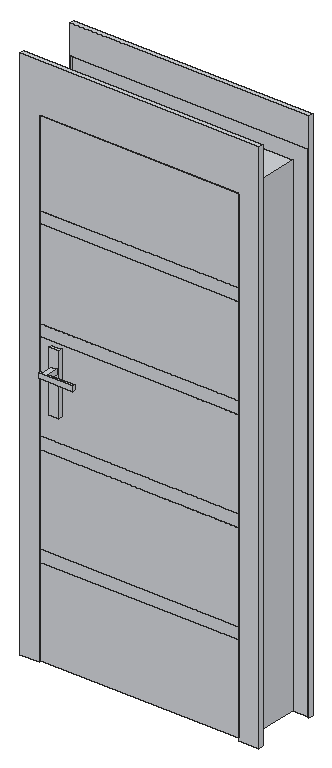
Revit family "Porta_LEVEL_A3", category Drzwi, Revit 2016
Family settings
  Obiekt nadrzędny = Ściana
  Zawsze pionowo = Tak
  Tnij formami wycięć po wczytaniu = Nie
  Współdzielony = Nie
  Punkt obliczania pomieszczeń = Nie
Parameters (values of type "PN 80")
  Wysokość brutto = 2055 mm
  URL = "www.porta.com.pl"
  Szerokość brutto = 880 mm
  Ss = 818 mm
  Producent = "PORTA KMI POLAND"
  Keynote = ""
  Description = ""
  Wysokość = 2016 mm
  Zakończenie ściany = Wg obiektu nadrzędnego
  Szerokość = 802 mm
  Model = "Porta LEVEL"
  Materiał_skrzydło_2 = none
  Materiał_skrzydło_1 [instance] = none
  Materiał_ościeżnica [instance] = none
  Materiał_klamka [instance] = none
  Konstrukcja analityczna = "<Brak>"
  Informacja = "Własność Porta KMI Poland, wszelkie prawa zastrzeżone."  # constant formula
  Hs = 2017 mm
  Funkcja = Wewnętrzna
Reference planes
  plane 1: y = 0
  plane 2 "Środek (Lewa/Prawa)": x = 0
  plane 3 "Lewy": x = -440
  plane 4 "Prawy": x = 440
  plane 5: z = 2055
  plane 6 "Zewnętrzna": y = 120
  plane 7 "Wewnętrzna": y = -120
  plane 8: x = -401
  plane 9: y = -138.9
  plane 10: x = -494.4
  plane 11: x = 494.4
Forms (mm)
  Sweep 1, solid, material <- "Materiał_ościeżnica"
    path in 3D
      loop
        line (-440, -120, 0) -> (-440, -120, 2055) -> (440, -120, 2055) -> (440, -120, 0)
    profile origin (-440, -120, 1027.5) x (0, -1, 0) y (1, 0, 0)
      loop
        line (-240, -54.4) -> (-240, -49.7) -> (-243.2, -49.7) -> (-243.2, 16.3) -> (3.2, 16.3) -> (3.2, -49.7) -> (0, -49.7) -> (0, -54.4) -> (18.9, -54.4) -> (18.9, 27) -> (-26.7, 27) -> (-26.7, 39) -> (-243.2, 39) -> (-243.2, 27) -> (-258.9, 27) -> (-258.9, -54.4) -> (-240, -54.4)
  Extrusion 2, solid, material <- "Materiał_ościeżnica"
    sketch origin (-359, -94.5, 2024.974) x (0, 0, -1) y (0, -1, 0)
      loop
        line (-203.026, -233.4) -> (-84.426, -233.4) -> (-84.426, -214.5) -> (-203.026, -214.5) -> (-203.026, -233.4)
    from -853.4 to 135.4
  Extrusion 3, solid, material <- "Materiał_ościeżnica"
    sketch origin (-359, -94.5, 2024.974) x (0, 0, -1) y (0, -1, 0)
      loop
        line (-203.026, 44.4) -> (-203.026, 25.5) -> (-84.426, 25.5) -> (-84.426, 44.4) -> (-203.026, 44.4)
    from -853.4 to 135.4
Cuts and joins
  joined: Sweep 1, Extrusion 2, Extrusion 3
Lines and regions (mm)
  Opening 1
    outline origin (-3050, -120, 0) x (1, 0, 0) y (0, 0, 1)
      loop
        line (2610, 0) -> (3490, 0) -> (3490, 2055) -> (2610, 2055) -> (2610, 0)
  sketch lines
    curve 1: line (-440, -120, 0) -> (-440, -120, 2055)
    curve 2: line (-440, -120, 2055) -> (440, -120, 2055)
    curve 3: line (440, -120, 2055) -> (440, -120, 0)
  symbolic lines, style "DoorsPanelProjection"
    curve 4: line (409, -120, 0) -> (409, -938, 0)
    curve 5: line (409, -938, 0) -> (369, -938, 0)
    curve 6: line (369, -938, 0) -> (369, -120, 0)
    curve 7: line (369, -120, 0) -> (409, -120, 0)
  symbolic lines, style "Ugięcie rzutu"
    curve 8: arc (-409, -120, 0) -> (-169.413, -698.413, 0) -> (409, -938, 0) r 818
Text (mm)
  text "Zewnętrzna" at (-2295.016, 1099.543, 0), in view "Poziom odniesienia"
  text "Zewnętrzna" at (0, 1615.38, 3698.081), in view "Lewy"
  text "Zewnętrzna" at (0, 1036.032, 3874.932), in view "Prawy"
Dimensions and locks
  equal spacing: plane 3 "Lewy", plane 2 "Środek (Lewa/Prawa)", plane 4 "Prawy"
  "Szerokość brutto": plane 3 "Lewy" to plane 4 "Prawy"
  "Wysokość brutto": plane 5 to host wall
  host wall to plane 5 = 2055 mm  (x2)
  locked: plane 6 "Zewnętrzna" to host wall at 0
  locked: plane 7 "Wewnętrzna" to host wall
  locked: curve 6 to curve 4 at 40
  "Ss": curve 5 to curve 7
  equal spacing: curve 8, plane 2 "Środek (Lewa/Prawa)", curve 4
  equal spacing: nested 1, plane 2 "Środek (Lewa/Prawa)", nested 1
  locked: nested 1 to level at 8
  locked: plane 3 "Lewy" to plane 8 at 39
  locked: plane 6 "Zewnętrzna" to Sweep 1 sketch curve at 18.9
  locked: profile plane to Sweep 1 sketch curve at 27
  locked: Sweep 1 sketch curve to plane 8 at 22.7
  locked: Sweep 1 sketch curve to profile plane at 26.7
  locked: profile plane to Sweep 1 sketch curve at 18.9
  locked: Sweep 1 sketch curve to profile plane at 54.4  (x2)
  locked: plane 9 to host wall at 18.9
  locked: plane 10 to plane 3 "Lewy" at 54.4
  locked: plane 4 "Prawy" to plane 11 at 54.4
  aligned and locked: plane 3 "Lewy" to Opening 1 sketch curve
  aligned and locked: plane 5 to Opening 1 sketch curve  (x2)
  aligned and locked: Opening 1 sketch curve to plane 4 "Prawy"
  aligned and locked: Opening 1 sketch curve to level
  aligned and locked: plane 1 to host wall
  aligned and locked: plane 7 "Wewnętrzna" to curve 7
  aligned and locked: Sweep 1 sketch curve to plane 6 "Zewnętrzna"
  aligned and locked: Sweep 1 sketch curve to profile plane
  aligned and locked: Sweep 1 sketch curve to plane 8
  aligned and locked: nested 1 to plane 9
  aligned and locked: Extrusion 2 sketch curve to Sweep 1  (x2)
  aligned and locked: host wall to Extrusion 2 sketch curve
  aligned and locked: Extrusion 3 sketch curve to plane 9
  aligned and locked: host wall to Extrusion 3 sketch curve
  aligned and locked: Extrusion 3 sketch curve to Sweep 1
  aligned and locked: Extrusion 3 sketch curve to Extrusion 2
  aligned and locked: plane 11 to Extrusion 3
  aligned and locked: plane 10 to Extrusion 3
  aligned and locked: plane 11 to Extrusion 2
  aligned and locked: plane 10 to Extrusion 2
Automatic sketch dimensions
  curve 8 to host wall = 0 mm
  Sweep 1 sketch curve to Sweep 1 sketch curve = 0 mm
  Sweep 1 sketch curve to Sweep 1 sketch curve = 3.2 mm
  Sweep 1 sketch curve to Sweep 1 sketch curve = 15.7 mm
  Sweep 1 sketch curve to Sweep 1 sketch curve = 4.7 mm  (x2)
  Sweep 1 sketch curve to Sweep 1 sketch curve = 10.7 mm
  Extrusion 2 sketch curve to plane 5 = 173 mm
Nested families
  nested 1: "skrzydło" at (0, -105.4, 0), type "skrzydło"
Definition of nested family "skrzydło"
  Parameters
    Ss = 818 mm
    Materiał_skrzydło_2 = none
    Materiał_skrzydło_1 = none
    Materiał_klamka = none
    Assembly Code = ""
    Hs = 2017 mm
  Reference planes
    plane 1 "Tył": y = 6.5
    plane 2: z = 0
    plane 3 "Środek (Lewa/Prawa)": x = 0
    plane 4 "Lewa": x = -409
    plane 5 "Prawa": x = 409
    plane 6 "Przód": y = -33.5
    plane 7: z = 2025
    plane 8 "Centrum": y = -13.5
    plane 9: z = 8
  Forms (mm)
    Extrusion 1, solid, material <- "Materiał_skrzydło_1"
      sketch origin (0, -33.5, 0) x (-1, 0, 0) y (0, 0, 1)
        loop
          line (409, 370.4) -> (-409, 370.4) -> (-409, 8) -> (409, 8) -> (409, 370.4)
      from 0 to 40
    Extrusion 2, solid, material <- "Materiał_skrzydło_2"
      sketch origin (-2140.117, -33.5, 1300) x (-1, 0, 0) y (0, 0, 1)
        loop
          line (-1731.117, -879.6) -> (-2549.117, -879.6) -> (-2549.117, -929.6) -> (-1731.117, -929.6) -> (-1731.117, -879.6)
      from 0 to 40
    Extrusion 3, solid, material <- "Materiał_skrzydło_1"
      sketch origin (-2140.117, -33.5, 1300) x (-1, 0, 0) y (0, 0, 1)
        loop
          line (-1731.117, -511.2) -> (-2549.117, -511.2) -> (-2549.117, -879.6) -> (-1731.117, -879.6) -> (-1731.117, -511.2)
      from 0 to 40
    Extrusion 4, solid, material <- "Materiał_skrzydło_2"
      sketch origin (-2140.117, -33.5, 1700) x (-1, 0, 0) y (0, 0, 1)
        loop
          line (-1731.117, -861.2) -> (-2549.117, -861.2) -> (-2549.117, -911.2) -> (-1731.117, -911.2) -> (-1731.117, -861.2)
      from 0 to 40
    Extrusion 5, solid, material <- "Materiał_skrzydło_1"
      sketch origin (-2140.117, -33.5, 1200) x (-1, 0, 0) y (0, 0, 1)
        loop
          line (-1731.117, 825) -> (-2549.117, 825) -> (-2549.117, 475.6) -> (-1731.117, 475.6) -> (-1731.117, 825)
      from 0 to 40
    Extrusion 6, solid, material <- "Materiał_skrzydło_2"
      sketch origin (-2140.117, -33.5, 1200) x (-1, 0, 0) y (0, 0, 1)
        loop
          line (-1731.117, 475.6) -> (-2549.117, 475.6) -> (-2549.117, 425.6) -> (-1731.117, 425.6) -> (-1731.117, 475.6)
      from 0 to 40
    Extrusion 7, solid, material <- "Materiał_skrzydło_1"
      sketch origin (-2140.117, -33.5, 1200) x (-1, 0, 0) y (0, 0, 1)
        loop
          line (-1731.117, 425.6) -> (-2549.117, 425.6) -> (-2549.117, 57.2) -> (-1731.117, 57.2) -> (-1731.117, 425.6)
      from 0 to 40
    Extrusion 8, solid, material <- "Materiał_skrzydło_2"
      sketch origin (-2140.117, -33.5, 1300) x (-1, 0, 0) y (0, 0, 1)
        loop
          line (-1731.117, -42.8) -> (-2549.117, -42.8) -> (-2549.117, -92.8) -> (-1731.117, -92.8) -> (-1731.117, -42.8)
      from 0 to 40
    Extrusion 9, solid, material <- "Materiał_skrzydło_1"
      sketch origin (-2140.117, -33.5, 1300) x (-1, 0, 0) y (0, 0, 1)
        loop
          line (-1731.117, -92.8) -> (-2549.117, -92.8) -> (-2549.117, -461.2) -> (-1731.117, -461.2) -> (-1731.117, -92.8)
      from 0 to 40
  Dimensions and locks
    equal spacing: plane 4 "Lewa", plane 3 "Środek (Lewa/Prawa)", plane 5 "Prawa"
    "Ss": plane 4 "Lewa" to plane 5 "Prawa"
    locked: plane 9 to level at 8
    "Hs": plane 7 to plane 9
    locked: nested 1 to plane 9 at 934
    locked: plane 9 to nested 3 at 934
    equal spacing: plane 6 "Przód", plane 8 "Centrum", plane 1 "Tył"
    aligned and locked: Extrusion 1 sketch curve to plane 9
    aligned and locked: nested 1 to plane 6 "Przód"
    aligned and locked: Extrusion 1 sketch curve to plane 5 "Prawa"
    aligned and locked: Extrusion 1 sketch curve to plane 4 "Lewa"
    aligned and locked: plane 3 "Środek (Lewa/Prawa)" to nested 2
    aligned and locked: plane 4 "Lewa" to Extrusion 2 sketch curve
    aligned and locked: plane 5 "Prawa" to Extrusion 2 sketch curve
    aligned and locked: plane 4 "Lewa" to Extrusion 3 sketch curve
    aligned and locked: plane 5 "Prawa" to Extrusion 3 sketch curve
    aligned and locked: plane 4 "Lewa" to Extrusion 4 sketch curve
    aligned and locked: plane 5 "Prawa" to Extrusion 4 sketch curve
    aligned and locked: plane 4 "Lewa" to Extrusion 5 sketch curve
    aligned and locked: plane 7 to Extrusion 5 sketch curve
    aligned and locked: plane 5 "Prawa" to Extrusion 5 sketch curve
    aligned and locked: plane 4 "Lewa" to Extrusion 6 sketch curve
    aligned and locked: plane 5 "Prawa" to Extrusion 6 sketch curve
    aligned and locked: plane 4 "Lewa" to Extrusion 7 sketch curve
    aligned and locked: plane 5 "Prawa" to Extrusion 7 sketch curve
    aligned: Extrusion 7 sketch curve to Extrusion 6
    aligned and locked: plane 4 "Lewa" to Extrusion 8 sketch curve
    aligned and locked: plane 5 "Prawa" to Extrusion 8 sketch curve
    aligned and locked: plane 4 "Lewa" to Extrusion 9 sketch curve
    aligned and locked: plane 5 "Prawa" to Extrusion 9 sketch curve
    aligned: Extrusion 9 sketch curve to Extrusion 4
    aligned and locked: Extrusion 7 sketch curve to Extrusion 8
    aligned and locked: Extrusion 1 sketch curve to Extrusion 2
  Automatic sketch dimensions
    Extrusion 2 sketch curve to Extrusion 2 sketch curve = 50 mm
    Extrusion 4 sketch curve to Extrusion 4 sketch curve = 50 mm
    plane 9 to Extrusion 2 sketch curve = 362.4 mm
    plane 9 to Extrusion 3 sketch curve = 412.4 mm
    Extrusion 4 sketch curve to plane 7 = 1236.2 mm
    Extrusion 6 sketch curve to Extrusion 6 sketch curve = 50 mm
    Extrusion 8 sketch curve to Extrusion 8 sketch curve = 50 mm
    Extrusion 3 sketch curve to Extrusion 3 sketch curve = 368.4 mm
    plane 9 to Extrusion 9 sketch curve = 830.8 mm
    Extrusion 9 sketch curve to Extrusion 9 sketch curve = 368.4 mm
    Extrusion 8 sketch curve to plane 7 = 817.8 mm
    Extrusion 5 sketch curve to plane 7 = 349.4 mm
    Extrusion 6 sketch curve to plane 7 = 399.4 mm
    Extrusion 7 sketch curve to Extrusion 7 sketch curve = 368.4 mm
  Nested families
    nested 1: "KLAMKA" at (-341, -33.5, 1067), Materiał klamki <- "Materiał_klamka", type "KLAMKA"
      with Materiał klamki none
    nested 2: "logo_porta" at (0, 6.5, 110) x (1, 0, 0) z (0, -1, 0), type "logo_porta"
    nested 3: "KLAMKA" at (-341, 6.5, 1067), Materiał klamki <- "Materiał_klamka", type "KLAMKA"
      with Materiał klamki none
  Definition of nested family "KLAMKA"
    Parameters
      Materiał klamki [instance] = none
      Assembly Code = ""
      Default Elevation = 1219.2 mm
    Reference planes
      plane 1 "Center (Front/Back)": y = 0
      plane 2: z = 0
      plane 3 "Center (Left/Right)": x = 0
      plane 4: z = 125
      plane 5: z = -125
      plane 6: x = 20
      plane 7: x = -20
      plane 8: y = -70
      plane 9: y = -60
      plane 10: x = 10
      plane 11: x = -10
      plane 12: x = 120
      plane 13: z = 35
      plane 14: z = 55
      plane 15: y = -15
    Forms (mm)
      Extrusion 1, solid, material <- "Materiał klamki"
        sketch origin (0, 0, 0) x (1, 0, 0) y (0, 0, 1)
          loop
            line (-20, 125) -> (-20, -125) -> (20, -125) -> (20, 125) -> (-20, 125)
        from 0 to 15
      Extrusion 2, solid, material <- "Materiał klamki"
        sketch origin (0, 0, 0) x (1, 0, 0) y (0, 1, 0)
          loop
            line (-10, -15) -> (-10, -60) -> (-20, -60) -> (-20, -70) -> (120, -70) -> (120, -60) -> (10, -60) -> (10, -15) -> (-10, -15)
        from 35 to 55
    Dimensions and locks
      equal spacing: plane 4, plane 2, plane 5
      plane 4 to plane 5 = 250 mm
      equal spacing: plane 7, plane 3 "Center (Left/Right)", plane 6
      plane 7 to plane 6 = 40 mm
      plane 8 to plane 1 "Center (Front/Back)" = 70 mm
      plane 11 to plane 3 "Center (Left/Right)" to plane 10 = 10 mm locked, 10 mm locked
      plane 7 to plane 12 = 140 mm
      plane 15 to plane 1 "Center (Front/Back)" = 15 mm
      aligned and locked: plane 7 to Extrusion 1 sketch curve
      aligned and locked: Extrusion 1 sketch curve to plane 4
      aligned and locked: plane 5 to Extrusion 1 sketch curve
      aligned and locked: Extrusion 1 sketch curve to plane 6
      aligned and locked: plane 15 to Extrusion 1
      aligned and locked: Extrusion 1 to plane 1 "Center (Front/Back)"
      aligned and locked: plane 14 to Extrusion 2
      aligned and locked: Extrusion 2 to plane 13
    Automatic sketch dimensions
      Extrusion 2 sketch curve to plane 7 = 0 mm
      Extrusion 2 sketch curve to plane 9 = 0 mm  (x2)
      Extrusion 2 sketch curve to plane 11 = 0 mm
      Extrusion 2 sketch curve to plane 10 = 0 mm
      Extrusion 2 sketch curve to plane 12 = 0 mm
      Extrusion 2 sketch curve to plane 8 = 0 mm
      Extrusion 2 sketch curve to plane 15 = 0 mm
  Definition of nested family "logo_porta"
    Reference planes
      plane 1 "Środek (Przód/Tył)": y = 0
      plane 2: z = 0
      plane 3 "Środek (Lewa/Prawa)": x = 0
